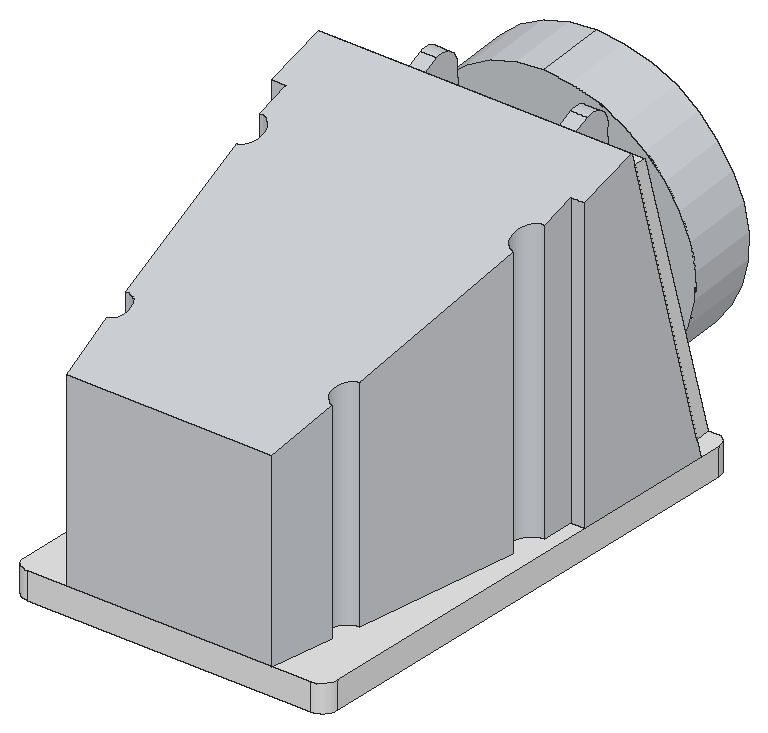
Revit family "Building-ConnessioniIEC309-GEWISS-IEC309HP-PRESE_FISSE_PAR_90°_32A_IP67", category Apparecchi elettrici, host Superficie, Revit 2019
Family settings
  Host = Superficie
  Mantenere orientamento annotazione = Sì
  Quota connettore circolare = Usa diametro
  Tipo di parte = Normale
  Taglio con vuoti quando caricato = No
  Condiviso = No
  Punto di calcolo locali = Sì
Parameters (values of type "GW62557 - PRESA FISSA 90°PAR.ST.3P+T 32A 380V 3H")
  simbolo acceso [instance] = yes
  distanza_simbolo [instance] = 1 mm
  distanza dal piano [instance] = 0 mm
  W = 115 mm  # constant formula
  Versione file RFA = "21.11"
  URL = "https://www.gewiss.com/it/it"
  Tipologia = "Presa fissa da parete 90°"
  Tipo Cablaggio = "A vite"
  Termopressione con biglia = "125 °C (Parti attive) - 80 °C (Parti passive)"
  Tensione nominale = "380-440V"
  Temperatura di utilizzo = "-25 +55 °C"
  Spostamento_effettivo_S [instance] = 4000 mm - Spostamento_S  # 3052.5 mm
  Spostamento_S = 947.5 mm
  Sportello_visibile = yes
  Sovraccarico ammissibile = "42A"
  Scheda Tecnica = "https://www.gewiss.com/it/it/search?q=GW62557"
  SPinotto = Default(2)
  SEO = "Presa"
  Riferimento h = "3"
  Resistenza di isolamento = "- 10 M?"
  Resistenza agli urti = "IK08"
  Prospetto di default = 500 mm
  Produttore = "GEWISS S.p.A."
  Potere d'interruzione a 1,1 Un = "40A"
  Piastra = Default(2)
  N. poli = "3P+T"
  N. Manovre complessive = "-2000"
  Modello = "GW62557"
  L = 155 mm  # constant formula
  Immagine tipo = (empty or 0)
  IDT = "1b7292dc11fa4ac0ba3fb9dc2d40cc52"
  IDF = "bc348451-2a8d-44d0-9a63-ad01205309b2"
  Grado di protezione = "IP67"
  Glow wire test: = "850 °C (Parti attive) - 650 °C (Parti passive)"
  Frequenza = "50/60 Hz"
  FORMULA = 1000 mm * 1  # 1000 mm
  Descrizione = "PRESA FISSA 90°PAR.ST.3P+T 32A 380V 3H"
  Creato da GEWISS S.p.A. = ""
  Corrente nominale (A) = "32"
  Corpo centrale = Default(2)
  Colore: = "Rosso"
  Codice Electrocod = "2211"
  Catalogo = "BUILDING"
  CapacitÃ  serraggio morsetti = "2,5-6 mm² cavi flessibili - 2,5-10 mm² cavi rigidi"
  COBie.Tagnumber = ""
  COBie.CreatedOn = ""
  COBie.CreatebBy = ""
  COBie.ComponentRegisterItemID = ""
  COBie.Component.TagNumber = ""
  COBie.Component.Space = ""
  COBie.Component.SerialNumber = ""
  COBie.Component.InstallationDate = ""
  COBie.Component.Description = ""
  COBie.Component.BarCode = ""
  BLOCCO = "B=C"
Types (12, lengths in mm): name | Tensione nominale | Scheda Tecnica | Riferimento h | N. poli | Modello | IDT | Descrizione | Colore:
  GW62508 - PRESA FISSA 90°PAR.ST.2P+T 32A 110V 4H | "100-130V" | "https://www.gewiss.com/it/it/search?q=GW62508" | "4" | "2P+T" | "GW62508" | "bb6f9e004dd646e9ad71b455573e9c59" | "PRESA FISSA 90°PAR.ST.2P+T 32A 110V 4H" | "Giallo"
  GW62509 - PRESA FISSA 90°PAR.ST.3P+T 32A 110V 4H | "100-130V" | "https://www.gewiss.com/it/it/search?q=GW62509" | "4" | "3P+T" | "GW62509" | "4cfcdea3f438451d92306f506f8d1950" | "PRESA FISSA 90°PAR.ST.3P+T 32A 110V 4H" | "Giallo"
  GW62510 - PRESA FISSA 90°PAR.ST.3P+N+T 32A 110V 4H | "100-130V" | "https://www.gewiss.com/it/it/search?q=GW62510" | "4" | "3P+N+T" | "GW62510" | "f8373aed00aa415aa7daf97a210d69be" | "PRESA FISSA 90°PAR.ST.3P+N+T 32A 110V 4H" | "Giallo"
  GW62511 - PRESA FISSA 90°PAR.ST.2P+T 32A 230V 6H | "200-250V" | "https://www.gewiss.com/it/it/search?q=GW62511" | "6" | "2P+T" | "GW62511" | "4a14ac01d1a141e488839e3dd94c96e4" | "PRESA FISSA 90°PAR.ST.2P+T 32A 230V 6H" | "Blu"
  GW62512 - PRESA FISSA 90°PAR.ST.3P+T 32A 230V 9H | "200-250V" | "https://www.gewiss.com/it/it/search?q=GW62512" | "9" | "3P+T" | "GW62512" | "495a66e1fd5449c882f7463eabe4f05e" | "PRESA FISSA 90°PAR.ST.3P+T 32A 230V 9H" | "Blu"
  GW62513 - PRESA FISSA 90°PAR.ST.3P+N+T 32A 230V 9H | "200-250V" | "https://www.gewiss.com/it/it/search?q=GW62513" | "9" | "3P+N+T" | "GW62513" | "1cbfae1ffb73471c8e1548b3454e032a" | "PRESA FISSA 90°PAR.ST.3P+N+T 32A 230V 9H" | "Blu"
  GW62514 - PRESA FISSA 90°PAR.ST.2P+T 32A 400V 9H | "380-415V" | "https://www.gewiss.com/it/it/search?q=GW62514" | "9" | "2P+T" | "GW62514" | "d970124fb08842a8b1b6c63ee70f4363" | "PRESA FISSA 90°PAR.ST.2P+T 32A 400V 9H" | "Rosso"
  GW62515 - PRESA FISSA 90°PAR.ST.3P+T 32A 400V 6H | "380-415V" | "https://www.gewiss.com/it/it/search?q=GW62515" | "6" | "3P+T" | "GW62515" | "51bb25bca5c94624a02c2566d4d4d3b9" | "PRESA FISSA 90°PAR.ST.3P+T 32A 400V 6H" | "Rosso"
  GW62516 - PRESA FISSA 90°PAR.ST.3P+N+T 32A 400V 6H | "380-415V" | "https://www.gewiss.com/it/it/search?q=GW62516" | "6" | "3P+N+T" | "GW62516" | "6be11368a42449b4a69ec721078d9107" | "PRESA FISSA 90°PAR.ST.3P+N+T 32A 400V 6H" | "Rosso"
  GW62517 - PRESA FISSA 90°PAR.ST.3P+T 32A 500V 7H | "480-500V" | "https://www.gewiss.com/it/it/search?q=GW62517" | "7" | "3P+T" | "GW62517" | "5ed8468bfeca4b7a8f7df6c1174b8653" | "PRESA FISSA 90°PAR.ST.3P+T 32A 500V 7H" | "Nero"
  GW62518 - PRESA FISSA 90°PAR.ST.3P+N+T 32A 500V 7H | "480-500V" | "https://www.gewiss.com/it/it/search?q=GW62518" | "7" | "3P+N+T" | "GW62518" | "0feadb69000b4ed8bfed5763f34a0699" | "PRESA FISSA 90°PAR.ST.3P+N+T 32A 500V 7H" | "Nero"
  GW62557 - PRESA FISSA 90°PAR.ST.3P+T 32A 380V 3H | "380-440V" | "https://www.gewiss.com/it/it/search?q=GW62557" | "3" | "3P+T" | "GW62557" | "1b7292dc11fa4ac0ba3fb9dc2d40cc52" | "PRESA FISSA 90°PAR.ST.3P+T 32A 380V 3H" | "Rosso"
Reference planes
  plane 1 "Centro (Fronte/Retro)": y = 0
  plane 2: z = 0
  plane 3 "Centro (Sinistra/Destra)": x = 0
  plane 4: x = -3000
  plane 5: x = 52.5
  plane 6: z = 0
Dimensions and locks
  plane 4 to plane 3 "Centro (Sinistra/Destra)" = 3000 mm
  "Spostamento_effettivo_S": plane 4 to plane 5
  "distanza dal piano": plane 6 to plane 2
  aligned and locked: plane 2 to host face
  aligned and locked: level to host face
  aligned and locked: plane 3 "Centro (Sinistra/Destra)" to nested 1
  aligned and locked: plane 1 "Centro (Fronte/Retro)" to nested 1
  aligned and locked: nested 2 to plane 5
  aligned and locked: plane 1 "Centro (Fronte/Retro)" to nested 3
  aligned and locked: nested 3 to plane 3 "Centro (Sinistra/Destra)"
Automatic sketch dimensions
  host sketch curve to host sketch curve = 2438.4 mm  (x2)
Nested families
  nested 1: "IEC309 PRESE FISSE PARETE 90' 32A IP67_base" at (0, 0, 0), type "IEC309 PRESE FISSE PARETE 90' 32A IP67_base"
  nested 2: "GWGW62201FH - SIMBOLO_PRESA" at (52.5, 171.559, 0), visible <- "simbolo acceso", Distanza dal muro <- "distanza_simbolo", type "3P"
    with SIMBOLO ACCESO yes, Distanza dal muro 1 mm
  nested 3: "simb_frontale_32a_ip67" at (104.994, 170.222, 0) x (-1, 0, 0) z (0, 0, 1), type "simb_frontale_32a_ip67"
Connectors
  electrical at (37.5, 30, 0)
    settings: on nested 1, index 1, voltage 0 V, apparent load 0 VA, apparent load phase1 0 VA, apparent load phase2 0 VA, apparent load phase3 0 VA, power factor 1, load classification "Altro", number of poles 1, system type 31, power factor state 1, is connector primary yes, connector utility no, sub classification motor no, connector description ""
Definition of nested family "IEC309 PRESE FISSE PARETE 90' 32A IP67_base"
  Parameters (values of type "IEC309 PRESE FISSE PARETE 90' 32A IP67_base")
    sp_ghiera = 16 mm
    h = 170 mm  # constant formula
    dis_base = 71 mm
    Sportello = yes
    Spinotto = none
    PIASTRA = none
    CENTRALE = none
    Bsae = 105 mm  # constant formula
  Reference planes
    plane 1 "Centro (Fronte/Retro)": y = 0
    plane 2: z = 0
    plane 3 "Centro (Sinistra/Destra)": x = 0
    plane 4: y = 170
    plane 5: x = 105
    plane 6: z = 9
    plane 7: x = 52.5
  Forms (mm)
    Extrusion 1, solid, material <- "PIASTRA"
      sketch origin (0, 0, 0) x (1, 0, 0) y (0, 1, 0)
        loop
          line (100, 170) -> (5, 170)
          arc (5, 170) -> (1.464, 168.536) -> (0, 165) r 5
          line (0, 165) -> (0, 5)
          arc (0, 5) -> (1.464, 1.464) -> (5, 0) r 5
          line (5, 0) -> (100, 0)
          arc (100, 0) -> (103.536, 1.464) -> (105, 5) r 5
          line (105, 5) -> (105, 165)
          arc (105, 165) -> (103.536, 168.536) -> (100, 170) r 5
      from 0 to 9
    Extrusion 2, solid
      sketch origin (0, 0, 0) x (0, 1, 0) y (0, 0, 1)
        loop
          line (0, 72.332) -> (0, 9) -> (157.369, 9) -> (128.562, 113.023) -> (0, 72.332)
      from 0 to 105
    Extrusion 3, solid, material <- "PIASTRA"
      sketch origin (0, 0, 0) x (0, 1, 0) y (0, 0, 1)
        loop
          line (155.67, 15.136) -> (160.168, 15.748) -> (133.8, 109.13) -> (129.641, 109.13) -> (155.67, 15.136)
      from 0 to 105
    Extrusion 4, solid
      sketch origin (90, 8.211, 17.191) x (0, 1, 0) y (0, 0, -1)
        loop
          line (126.16, -89.918) -> (132.318, -92.887)
          arc (132.318, -92.887) -> (138.746, -91.83) -> (140.448, -85.542) r 6.019
          line (140.448, -85.542) -> (142.165, -68.455) -> (132.482, -67.528) -> (126.16, -89.918)
      from 9.435 to 15
    Sweep 5, solid
      path origin (0, 0, 0) x (0, 1, 0) y (0, 0, 1)
        loop
          line (144.172, 56.654) -> (162.069, 58.535)
      profile origin (0, 153.121, 57.594) x (0, -0.104528, 0.994522) y (1, 0, 0)
        loop
          circle (0, 52.5) r 32.5
    Sweep 6, solid
      path origin (0, 0.625, -4.375) x (0, 1, 0) y (0, 0, 1)
        loop
          line (161.408, 64.829) -> (183.584, 67.16)
      profile origin (0, 173.121, 61.619) x (0, -0.104528, 0.994522) y (1, 0, 0)
        loop
          circle (0, 52.5) r 47
    Extrusion 7, solid
      sketch origin (15, 8.211, 17.191) x (0, 1, 0) y (0, 0, 1)
        loop
          line (126.16, 89.918) -> (132.482, 67.528) -> (142.165, 68.455) -> (140.448, 85.542)
          arc (140.448, 85.542) -> (138.746, 91.83) -> (132.318, 92.887) r 6.019
          line (132.318, 92.887) -> (126.16, 89.918)
      from 9.435 to 15
    Extrusion 8, void
      sketch origin (105, 0, 0) x (-1, 0, 0) y (0, -1, 0)
        loop
          line (18.08, 0) -> (0, 0) -> (0, -100.006) -> (0, -108.925) -> (4.663, -108.925) -> (4.663, -97.854)
          arc (4.663, -97.854) -> (10.4, -92.734) -> (6.156, -86.322) r 5.875
          line (6.156, -86.322) -> (13.308, -31.077)
          arc (13.308, -31.077) -> (18.288, -26.789) -> (14.837, -21.195) r 5.063
          line (14.837, -21.195) -> (18.08, 0)
      from 9 to 107.11
    Extrusion 9, void
      sketch origin (0, 0, 0) x (1, 0, 0) y (0, 1, 0)
        loop
          line (18.08, 0) -> (14.837, 21.195)
          arc (14.837, 21.195) -> (18.288, 26.789) -> (13.308, 31.077) r 5.063
          line (13.308, 31.077) -> (6.156, 86.322)
          arc (6.156, 86.322) -> (10.4, 92.734) -> (4.663, 97.854) r 5.875
          line (4.663, 97.854) -> (4.663, 108.925) -> (0, 108.925) -> (0, 100.006) -> (0, 0) -> (18.08, 0)
      from 9 to 107.11
  Cuts and joins
    Extrusion 8, Extrusion 9 cuts Extrusion 2
    Extrusion 8, Extrusion 9 cuts Extrusion 4
    Extrusion 8, Extrusion 9 cuts Sweep 5
    Extrusion 8, Extrusion 9 cuts Sweep 6
    joined: Extrusion 2, Extrusion 4, Sweep 5, Sweep 6
    Extrusion 8, Extrusion 9 cuts Extrusion 1
  Dimensions and locks
    "Bsae": plane 3 "Centro (Sinistra/Destra)" to plane 5
    "h": plane 1 "Centro (Fronte/Retro)" to plane 4
    plane 1 "Centro (Fronte/Retro)" to Extrusion 1 = 170 mm
    locked: plane 6 to level at 9
    equal spacing: plane 3 "Centro (Sinistra/Destra)", plane 7, plane 5
    radius of Extrusion 1 sketch curve = 5 mm  (x4)
    radius of Sweep 5 sketch curve = 32.5 mm
    radius of Sweep 6 sketch curve = 47 mm
    aligned and locked: level to plane 2
    aligned and locked: Extrusion 1 sketch curve to plane 4
    aligned and locked: Extrusion 1 sketch curve to plane 3 "Centro (Sinistra/Destra)"
    aligned and locked: Extrusion 1 sketch curve to plane 5
    aligned and locked: Extrusion 1 sketch curve to plane 1 "Centro (Fronte/Retro)"
    aligned and locked: plane 6 to Extrusion 1
    aligned and locked: Extrusion 2 sketch curve to plane 1 "Centro (Fronte/Retro)"
    aligned and locked: Extrusion 2 sketch curve to plane 6
    aligned and locked: Extrusion 2 to plane 5
    aligned and locked: Extrusion 3 to plane 5
    aligned and locked: Extrusion 3 to plane 3 "Centro (Sinistra/Destra)"
    aligned and locked: plane 7 to Sweep 6 sketch curve
    aligned and locked: plane 7 to Sweep 5 sketch curve
    aligned and locked: Extrusion 8 to plane 6
    aligned and locked: Extrusion 9 to plane 6
  Automatic sketch dimensions
    plane 4 to Extrusion 2 sketch curve = 41.438 mm
    plane 4 to Extrusion 2 sketch curve = 12.631 mm
    Extrusion 2 sketch curve to Extrusion 2 sketch curve = 63.332 mm
    plane 6 to Extrusion 2 sketch curve = 104.023 mm
    plane 4 to Extrusion 3 sketch curve = 40.359 mm
    Extrusion 3 sketch curve to Extrusion 3 sketch curve = 4.16 mm
    plane 6 to Extrusion 3 sketch curve = 6.136 mm
    plane 4 to Extrusion 3 sketch curve = 14.33 mm
    Extrusion 3 sketch curve to Extrusion 3 sketch curve = 4.498 mm
    Extrusion 3 sketch curve to Extrusion 3 sketch curve = 0.611 mm
    Extrusion 3 sketch curve to Extrusion 3 sketch curve = 93.993 mm
    plane 4 to Extrusion 4 sketch curve = 35.629 mm
    Extrusion 4 sketch curve to Extrusion 4 sketch curve = 6.158 mm
    Extrusion 4 sketch curve to Extrusion 4 sketch curve = 6.322 mm
    Extrusion 4 sketch curve to Extrusion 4 sketch curve = 2.393 mm
    Extrusion 4 sketch curve to Extrusion 4 sketch curve = 5.737 mm
    Extrusion 4 sketch curve to Extrusion 4 sketch curve = 9.683 mm
    plane 6 to Extrusion 4 sketch curve = 101.078 mm
    Extrusion 4 sketch curve to Extrusion 4 sketch curve = 2.968 mm
    Extrusion 4 sketch curve to Extrusion 4 sketch curve = 5.523 mm
    Extrusion 4 sketch curve to Extrusion 4 sketch curve = 17.088 mm
    Extrusion 4 sketch curve to Extrusion 4 sketch curve = 0.926 mm
    plane 4 to Sweep 5 sketch curve = 25.828 mm
    plane 6 to Sweep 5 sketch curve = 47.654 mm
    plane 4 to Sweep 5 sketch curve = 7.931 mm
    Sweep 5 sketch curve to Sweep 5 sketch curve = 1.881 mm
    Sweep 5 sketch curve to profile plane = 0 mm
    plane 4 to Sweep 6 sketch curve = 7.967 mm
    plane 6 to Sweep 6 sketch curve = 51.454 mm
    Sweep 6 sketch curve to plane 4 = 14.209 mm
    Sweep 6 sketch curve to Sweep 6 sketch curve = 2.331 mm
    Sweep 6 sketch curve to profile plane = 0 mm
    plane 4 to Extrusion 7 sketch curve = 35.629 mm
    Extrusion 7 sketch curve to Extrusion 7 sketch curve = 6.158 mm
    Extrusion 7 sketch curve to Extrusion 7 sketch curve = 6.322 mm
    Extrusion 7 sketch curve to Extrusion 7 sketch curve = 2.393 mm
    Extrusion 7 sketch curve to Extrusion 7 sketch curve = 5.737 mm
    Extrusion 7 sketch curve to Extrusion 7 sketch curve = 9.683 mm
    plane 6 to Extrusion 7 sketch curve = 75.72 mm
    Extrusion 7 sketch curve to Extrusion 7 sketch curve = 0.926 mm
    Extrusion 7 sketch curve to Extrusion 7 sketch curve = 17.088 mm
    Extrusion 7 sketch curve to Extrusion 7 sketch curve = 1.821 mm
    Extrusion 7 sketch curve to Extrusion 7 sketch curve = 2.968 mm
    plane 1 "Centro (Fronte/Retro)" to Extrusion 8 sketch curve = 0 mm
    Extrusion 8 sketch curve to plane 5 = 0 mm
    Extrusion 8 sketch curve to plane 5 = 4.574 mm
    Extrusion 8 sketch curve to plane 5 = 4.663 mm
    Extrusion 8 sketch curve to Extrusion 8 sketch curve = 1.583 mm
    Extrusion 8 sketch curve to plane 5 = 13.284 mm
    Extrusion 8 sketch curve to Extrusion 8 sketch curve = 0.023 mm
    Extrusion 8 sketch curve to Extrusion 8 sketch curve = 1.552 mm
    Extrusion 8 sketch curve to plane 5 = 18.08 mm
    plane 1 "Centro (Fronte/Retro)" to Extrusion 8 sketch curve = 21.195 mm
    Extrusion 8 sketch curve to Extrusion 8 sketch curve = 4.819 mm
    Extrusion 8 sketch curve to Extrusion 8 sketch curve = 55.244 mm
    Extrusion 8 sketch curve to Extrusion 8 sketch curve = 5.658 mm
    Extrusion 8 sketch curve to Extrusion 8 sketch curve = 2.152 mm
    Extrusion 8 sketch curve to Extrusion 8 sketch curve = 8.919 mm
    plane 1 "Centro (Fronte/Retro)" to Extrusion 9 sketch curve = 0 mm
    Extrusion 9 sketch curve to plane 3 "Centro (Sinistra/Destra)" = 0 mm
    plane 3 "Centro (Sinistra/Destra)" to Extrusion 9 sketch curve = 4.574 mm
    plane 3 "Centro (Sinistra/Destra)" to Extrusion 9 sketch curve = 4.663 mm
    Extrusion 9 sketch curve to Extrusion 9 sketch curve = 1.583 mm
    plane 3 "Centro (Sinistra/Destra)" to Extrusion 9 sketch curve = 13.284 mm
    Extrusion 9 sketch curve to Extrusion 9 sketch curve = 0.023 mm
    Extrusion 9 sketch curve to Extrusion 9 sketch curve = 1.552 mm
    Extrusion 9 sketch curve to Extrusion 9 sketch curve = 18.08 mm
    Extrusion 9 sketch curve to plane 1 "Centro (Fronte/Retro)" = 21.195 mm
    Extrusion 9 sketch curve to Extrusion 9 sketch curve = 4.819 mm
    Extrusion 9 sketch curve to Extrusion 9 sketch curve = 55.244 mm
    Extrusion 9 sketch curve to Extrusion 9 sketch curve = 5.658 mm
    Extrusion 9 sketch curve to Extrusion 9 sketch curve = 2.152 mm
    Extrusion 9 sketch curve to Extrusion 9 sketch curve = 8.919 mm
Definition of nested family "GWGW62201FH - SIMBOLO_PRESA"
  Parameters (values of type "3P")
    SIMBOLO ACCESO [instance] = yes
    Distanza dal muro [instance] = 0 mm
  Reference planes
    plane 1: y = 0
    plane 2: x = 0
  Dimensions and locks
    "Distanza dal muro": plane 1 to nested 1
    aligned and locked: plane 2 to nested 1
  Nested families
    nested 1: "GWGW62201FH - SIMBOLO" at (0, 0, 0), visible <- "SIMBOLO ACCESO", type "3P"
  Definition of nested family "GWGW62201FH - SIMBOLO"
    Parameters (values of type "3P")
      CORNICE SIMBOLO [instance] = yes
      3P = yes
    Reference planes
      plane 1: y = 0
      plane 2: x = 0
    Lines and regions (mm)
      detail lines
        curve 1: circle (-0.314, 0.674, 0) r 0.057 normal (0, 0, 1)
        curve 2: arc (0.346, -0.009, 0) -> (0, 0.337, 0) -> (-0.346, -0.009, 0) r 0.346
        curve 3: line (0, 0.337, 0) -> (0.346, 0.337, 0)
        curve 4: line (0, 3.386, 0) -> (0, 0.337, 0)
        curve 5: line (0, 0.337, 0) -> (-0.314, 0.674, 0)
Definition of nested family "simb_frontale_32a_ip67"
  Reference planes
    plane 1 "Centro (Fronte/Retro)": y = 0
    plane 2: z = 0
    plane 3 "Centro (Sinistra/Destra)": x = 0
  Dimensions and locks
    aligned and locked: import instance to plane 3 "Centro (Sinistra/Destra)"
    aligned and locked: plane 1 "Centro (Fronte/Retro)" to import instance
